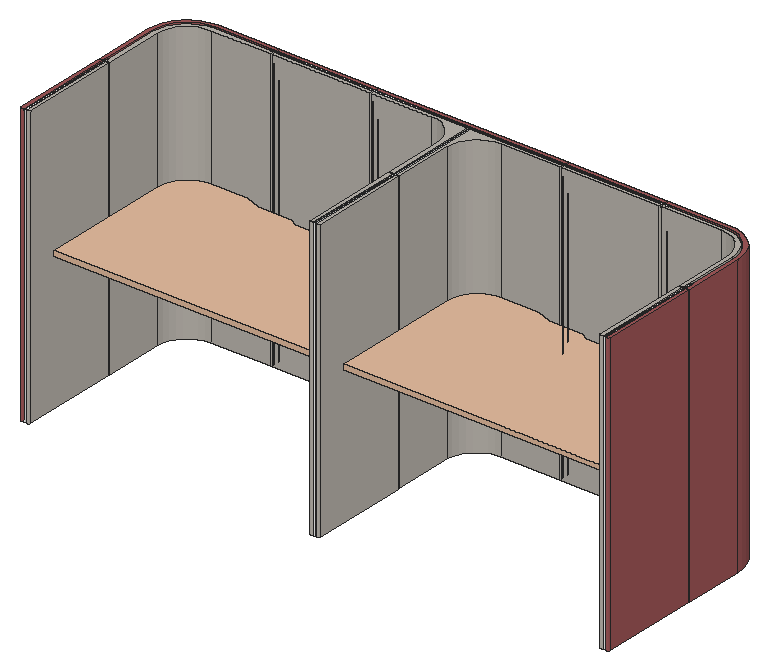
Revit family "NBS_Senator_MeetingPods_EnclaveTwo", category Furniture, Revit 2018
Family settings
  Work Plane-Based = No
  Always vertical = Yes
  Cut with Voids When Loaded = No
  Shared = No
  Room Calculation Point = No
Parameters (values of type "PDEN214")
  WarrantyStartDate [instance] = "1900-12-31T23:59:59"
  WarrantyGuarantorParts = "contactus@thesenatorgroup.com"
  WarrantyGuarantorLabor = "n/a"
  WarrantyDurationUnit = "year"
  WarrantyDurationParts = "10"
  WarrantyDurationLabor = "n/a"
  WarrantyDescription = "Senator warrants that its manufactured products are free from manufacturing defects - in materials or workmanship - for a period of ten (10) years on Senator Seating ranges; and fifteen (15) years on Senator Desking ranges - exceptions are listed below. Senator will repair or replace (at Senator’s sole discretion) with comparable free of charge materials / components, any product / component, which fails under normal use in a single shift environment, as a result of a defect in the materials and / or workmanship"
  Version = "1"  # constant formula
  Uniclass2015Version = "Products v1.16"
  Uniclass2015Title = "Meeting Pods"
  Uniclass2015Code = "Pr_40_50_12_53"
  TagNumber [instance] = "n/a"
  SustainabilityPerformance = "99% recyclable"
  Style = "Pods"
  Status = "UNSET"
  Size = "1000 x 2950 x 1400 mm"
  Shape = "n/a"
  SerialNumber [instance] = "n/a"
  SeatWidth = "n/a"
  SeatDepth = "n/a"
  Revision = "n/a"
  ReplacementCost = "n/a"
  Reference = "n/a"
  ProductInformation = "http://www.thesenatorgroup.com/uk/senator/"
  NominalWidth = 4400 mm
  NominalLength = 2950 mm
  NominalHeight = 1400 mm
  NominalDepth = 1000 mm
  Name = "MeetingPods_EnclaveTwo_PDEN214_Senator"
  NBSReference = "45-35-20/342"
  NBSDescription = "Meeting pods"
  NBSCertification = "www.nationalbimlibrary.com/cert/2awypsgj"
  ModelReference = "Pods-EnclaveTwo_PDEN214"
  ModelNumber = "n/a"
  Material = "Fabric, metal, plastic"
  ManufacturerURL = "www.senator.co.uk"
  ManufacturerName = "The Senator Group"  # constant formula
  Manufacturer = "sales@senator.co.uk"
  MainColor = "n/a"
  IsBuiltIn = no
  InstallationDate [instance] = "1900-12-31T23:59:59"
  IfcExportType = "USERDEFINED"  # constant formula
  IfcExportAs = "IfcFurnitureType"  # constant formula
  Grade = "n/a"
  FramesColour = "Black, white"
  FrameMaterial = NBS_Senator_Aluminium_Rigid_Siver
  InnerPanelMaterial = NBS_Senator_VirginWool_Fairfield
  OuterPanelMaterial = NBS_Senator_VirginWool_Wellington
  FinishOptions = "Carini walnut, mocha, autumn, strata oak, maple, highland oak, beech, winter oak, hacienda white, white, light grey, denim, clay, lemon sorbet"
  Finish = "Outer vertical panels upholstered in camira, blazer fabric Two tone is standard"
  Features = "Internal frame with multi-layered acoustic foam, levelling adjusters, blazer fabric, outer vertical panels"
  FabricFinishOptions = "Plymouth, fairfield, latymer, lancaster, silcoates, silverdale, st andrews, trevelyan, ulster, wellington, wesley, manchester,"
  ExpectedLife = "10"
  EnclaveTwoWidth = 2950 mm  # constant formula
  EnclaveTwoHeight = 1400 mm
  EnclaveTwoDepth = 1000 mm  # constant formula
  TableTopMaterial = NBS_Senator_Wood_HighlandOak_2
  DurationUnit = "year"
  Description = "Enclave Two - 1400mm high"
  Constituents = "n/a"
  Color = "n/a"
  CodePerformance = "n/a"
  Category = "Pr_40_50_12_53:Meeting pods"
  BarCode [instance] = "n/a"
  BIMObjectName = "NBS_Senator_MeetingPods_EnclaveTwo_PDEN314"
  Author = "NBS"  # constant formula
  AssetType = "Fixed"
  AssetIdentifier [instance] = "n/a"
  Accessories = "Monitor arms, PU desk accessories, desk top accessories, CPU holders, electrical accessories, coat hanger, name plate, A2 dry wipe board with hanger, A3 dry wipe board with hanger"
  AccessibilityPerformance = "n/a"
Types (3, lengths in mm): name | Size | NominalHeight | Name | ModelReference | EnclaveTwoHeight | Description | BIMObjectName
  (no name) | "1000 x 2950 x 1400 mm" | 1400 | "MeetingPods_EnclaveTwo_PDEN214_Senator" | "Pods-EnclaveTwo_PDEN214" | 1400 | "Enclave Two - 1400mm high" | "NBS_Senator_MeetingPods_EnclaveTwo_PDEN314"
  PDEN214 | "1000 x 2950 x 1400 mm" | 1400 | "MeetingPods_EnclaveTwo_PDEN214_Senator" | "Pods-EnclaveTwo_PDEN214" | 1400 | "Enclave Two - 1400mm high" | "NBS_Senator_MeetingPods_EnclaveTwo_PDEN314"
  PDEN218 | "1000 x 2950 x 1800 mm" | 1800 | "MeetingPods_EnclaveTwo_PDEN218_Senator" | "Pods-EnclaveTwo_PDEN218" | 1800 | "Enclave Two - 1800mm high" | "NBS_Senator_MeetingPods_EnclaveTwo_PDEN318"
Reference planes
  plane 1 "Center (Front/Back)": y = 0
  plane 2: z = 0
  plane 3 "Center (Left/Right)": x = 0
  plane 4 "Back": y = 500
  plane 5 "Front": y = -500
  plane 6 "Left": x = -1475
  plane 7 "Right": x = 1475
  plane 8 "Top": z = 1400
  plane 9: y = 450
  plane 10: x = -1425
  plane 11: x = 1425
  plane 12: x = 25
  plane 13: x = -25
  plane 14: y = 470
  plane 15: y = 480
  plane 16: x = -1455
  plane 17: x = -1445
  plane 18: x = 1445
  plane 19: x = 1455
  plane 20: x = -5
  plane 21: x = 5
  plane 22: z = 714
Forms (mm)
  Extrusion 1, solid, material "NBS_Senator_VirginWool_Wellington" <- "OuterPanelMaterial", detail levels fine
    sketch origin (0, 0, 0) x (1, 0, 0) y (0, 1, 0)
      loop
        arc (-1280, 500) -> (-1417.886, 442.886) -> (-1475, 305) r 195
        line (-1475, 305) -> (-1475, 4.072)
        arc (-1475, 4.072) -> (-1465, -0.97) -> (-1455, 4.072) r 12.437
        line (-1455, 4.072) -> (-1455, 305)
        arc (-1455, 305) -> (-1403.744, 428.744) -> (-1280, 480) r 175
        line (-1280, 480) -> (-977.95, 480)
        arc (-977.95, 480) -> (-972.821, 490) -> (-977.95, 500) r 12.314
        line (-977.95, 500) -> (-1280, 500)
      loop
        arc (-1475, -490.136) -> (-1465, -500.136) -> (-1455, -490.136) r 10
        line (-1455, -490.136) -> (-1455, -6.928)
        arc (-1455, -6.928) -> (-1465, -1.746) -> (-1475, -6.928) r 12.24
        line (-1475, -6.928) -> (-1475, -490.136)
      loop
        arc (1475, 305) -> (1417.886, 442.886) -> (1280, 500) r 195
        line (1280, 500) -> (977.95, 500)
        arc (977.95, 500) -> (972.925, 490) -> (977.95, 480) r 12.463
        line (977.95, 480) -> (1280, 480)
        arc (1280, 480) -> (1403.744, 428.744) -> (1455, 305) r 175
        line (1455, 305) -> (1455, 4.072)
        arc (1455, 4.072) -> (1465, -0.928) -> (1475, 4.072) r 12.5
        line (1475, 4.072) -> (1475, 305)
      loop
        arc (1455, -489.952) -> (1465, -499.952) -> (1475, -489.952) r 10
        line (1475, -489.952) -> (1475, -6.928)
        arc (1475, -6.928) -> (1465, -1.928) -> (1455, -6.928) r 12.5
        line (1455, -6.928) -> (1455, -489.952)
      loop
        line (-966.949, 480) -> (-480.65, 480)
        arc (-480.65, 480) -> (-475.521, 490) -> (-480.65, 500) r 12.314
        line (-480.65, 500) -> (-966.949, 500)
        arc (-966.949, 500) -> (-972.078, 490) -> (-966.949, 480) r 12.314
      loop
        line (-469.65, 480) -> (469.65, 480)
        arc (469.65, 480) -> (474.778, 490) -> (469.65, 500) r 12.314
        line (469.65, 500) -> (-469.65, 500)
        arc (-469.65, 500) -> (-474.778, 490) -> (-469.65, 480) r 12.314
      loop
        line (480.65, 480) -> (966.95, 480)
        arc (966.95, 480) -> (971.989, 490) -> (966.95, 500) r 12.441
        line (966.95, 500) -> (480.65, 500)
        arc (480.65, 500) -> (475.522, 490) -> (480.65, 480) r 12.314
    from 0 to 1400
  Extrusion 2, solid, material "NBS_Senator_VirginWool_Fairfield" <- "InnerPanelMaterial", detail levels fine
    sketch origin (0, 0, 0) x (1, 0, 0) y (0, 1, 0)
      loop
        arc (-1280, 470) -> (-1396.673, 421.673) -> (-1445, 305) r 165
        line (-1445, 305) -> (-1445, 4.072)
        arc (-1445, 4.072) -> (-1435, -1.016) -> (-1425, 4.072) r 12.371
        line (-1425, 4.072) -> (-1425, 300)
        arc (-1425, 300) -> (-1381.066, 406.066) -> (-1275, 450) r 150
        line (-1275, 450) -> (-977.95, 450)
        arc (-977.95, 450) -> (-972.924, 460) -> (-977.95, 470) r 12.462
        line (-977.95, 470) -> (-1280, 470)
      loop
        arc (-1445, -490.203) -> (-1435, -500.203) -> (-1425, -490.203) r 10
        line (-1425, -490.203) -> (-1425, -6.928)
        arc (-1425, -6.928) -> (-1435, -1.891) -> (-1445, -6.928) r 12.446
        line (-1445, -6.928) -> (-1445, -490.203)
      loop
        arc (1445, 305) -> (1396.673, 421.673) -> (1280, 470) r 165
        line (1280, 470) -> (977.95, 470)
        arc (977.95, 470) -> (972.926, 460) -> (977.95, 450) r 12.464
        line (977.95, 450) -> (1275, 450)
        arc (1275, 450) -> (1381.066, 406.066) -> (1425, 300) r 150
        line (1425, 300) -> (1425, 4.072)
        arc (1425, 4.072) -> (1435, -0.94) -> (1445, 4.072) r 12.482
        line (1445, 4.072) -> (1445, 305)
      loop
        line (5, 470) -> (5, 5.412)
        arc (5, 5.412) -> (15, 0.39) -> (25, 5.412) r 12.467
        line (25, 5.412) -> (25, 300)
        arc (25, 300) -> (68.934, 406.066) -> (175, 450) r 150
        line (175, 450) -> (469.65, 450)
        arc (469.65, 450) -> (474.778, 460) -> (469.65, 470) r 12.314
        line (469.65, 470) -> (5, 470)
      loop
        arc (-25, -489.866) -> (-15, -499.866) -> (-5, -489.866) r 10
        line (-5, -489.866) -> (-5, -6.928)
        arc (-5, -6.928) -> (-15, -1.924) -> (-25, -6.928) r 12.495
        line (-25, -6.928) -> (-25, -489.866)
      loop
        arc (5, -489.773) -> (15, -499.773) -> (25, -489.773) r 10
        line (25, -489.773) -> (25, -6.928)
        arc (25, -6.928) -> (15, -1.913) -> (5, -6.928) r 12.478
        line (5, -6.928) -> (5, -489.773)
      loop
        arc (-175, 450) -> (-68.934, 406.066) -> (-25, 300) r 150
        line (-25, 300) -> (-25, 5.412)
        arc (-25, 5.412) -> (-15, 0.361) -> (-5, 5.412) r 12.424
        line (-5, 5.412) -> (-5, 470) -> (-469.65, 470)
        arc (-469.65, 470) -> (-474.778, 460) -> (-469.65, 450) r 12.314
        line (-469.65, 450) -> (-175, 450)
      loop
        arc (1425, -490.104) -> (1435, -500.104) -> (1445, -490.104) r 10
        line (1445, -490.104) -> (1445, -6.928)
        arc (1445, -6.928) -> (1435, -1.899) -> (1425, -6.928) r 12.458
        line (1425, -6.928) -> (1425, -490.104)
      loop
        line (-966.949, 450) -> (-480.65, 450)
        arc (-480.65, 450) -> (-475.521, 460) -> (-480.65, 470) r 12.314
        line (-480.65, 470) -> (-966.949, 470)
        arc (-966.949, 470) -> (-971.975, 460) -> (-966.949, 450) r 12.462
      loop
        line (480.65, 450) -> (966.95, 450)
        arc (966.95, 450) -> (971.957, 460) -> (966.95, 470) r 12.489
        line (966.95, 470) -> (480.65, 470)
        arc (480.65, 470) -> (475.594, 460) -> (480.65, 450) r 12.417
    from 0 to 1400
  Extrusion 3, solid, material "NBS_Senator_Aluminium_Rigid_Siver" <- "FrameMaterial", detail levels fine
    sketch origin (0, 0, 0) x (1, 0, 0) y (0, 1, 0)
      loop
        line (-1445, -493.213) -> (-1445, 24.145) -> (-1455, 24.145) -> (-1455, -493.213)
        arc (-1455, -493.213) -> (-1450, -498.213) -> (-1445, -493.213) r 5
      loop
        line (-998.022, 480) -> (-998.022, 470) -> (-480.977, 470)
        arc (-480.977, 470) -> (-475.977, 475) -> (-480.977, 480) r 5
        line (-480.977, 480) -> (-998.022, 480)
      loop
        line (-5, 470) -> (-5, 5.702)
        arc (-5, 5.702) -> (0, 0.702) -> (5, 5.702) r 5
        line (5, 5.702) -> (5, 470) -> (469.603, 470)
        arc (469.603, 470) -> (474.603, 475) -> (469.603, 480) r 5
        line (469.603, 480) -> (-469.721, 480)
        arc (-469.721, 480) -> (-474.721, 475) -> (-469.721, 470) r 5
        line (-469.721, 470) -> (-5, 470)
      loop
        arc (480.54, 480) -> (475.54, 475) -> (480.54, 470) r 5
        line (480.54, 470) -> (998.022, 470) -> (998.022, 480) -> (480.54, 480)
      loop
        arc (-5, -492.799) -> (0, -497.799) -> (5, -492.799) r 5
        line (5, -492.799) -> (5, -6.936)
        arc (5, -6.936) -> (0, -1.936) -> (-5, -6.936) r 5
        line (-5, -6.936) -> (-5, -492.799)
      loop
        arc (1445, -492.487) -> (1450, -497.487) -> (1455, -492.487) r 5
        line (1455, -492.487) -> (1455, 50) -> (1445, 50) -> (1445, -492.487)
    from 0 to 1400
  Extrusion 4, solid, material "NBS_Senator_VirginWool_Fairfield" <- "InnerPanelMaterial", detail levels coarse+medium
    sketch origin (0, 0, 0) x (1, 0, 0) y (0, 1, 0)
      loop
        arc (-1275, 505) -> (-1419.957, 444.957) -> (-1480, 300) r 205
        line (-1480, 300) -> (-1480, -482.18)
        arc (-1480, -482.18) -> (-1450, -512.18) -> (-1420, -482.18) r 30
        line (-1420, -482.18) -> (-1420, 305)
        arc (-1420, 305) -> (-1378.995, 403.995) -> (-1280, 445) r 140
        line (-1280, 445) -> (-170, 445)
        arc (-170, 445) -> (-71.005, 403.995) -> (-30, 305) r 140
        line (-30, 305) -> (-30, -480.198)
        arc (-30, -480.198) -> (0, -510.198) -> (30, -480.198) r 30
        line (30, -480.198) -> (30, 305)
        arc (30, 305) -> (71.005, 403.995) -> (170, 445) r 140
        line (170, 445) -> (1280, 445)
        arc (1280, 445) -> (1378.995, 403.995) -> (1420, 305) r 140
        line (1420, 305) -> (1420, -480.408)
        arc (1420, -480.408) -> (1450, -510.408) -> (1480, -480.408) r 30
        line (1480, -480.408) -> (1480, 300)
        arc (1480, 300) -> (1419.957, 444.957) -> (1275, 505) r 205
        line (1275, 505) -> (-1275, 505)
    from 0 to 1400
Dimensions and locks
  equal spacing: plane 4 "Back", plane 1 "Center (Front/Back)", plane 5 "Front"
  "EnclaveTwoDepth": plane 4 "Back" to plane 5 "Front"
  equal spacing: plane 6 "Left", plane 3 "Center (Left/Right)", plane 7 "Right"
  "EnclaveTwoWidth": plane 6 "Left" to plane 7 "Right"
  "EnclaveTwoHeight": plane 8 "Top" to level
  locked: plane 6 "Left" to plane 10 at 50
  locked: plane 4 "Back" to plane 9 at 50
  locked: plane 11 to plane 7 "Right" at 50
  plane 13 to plane 3 "Center (Left/Right)" to plane 12 = 25 mm locked, 25 mm locked
  plane 13 to plane 12 = 50 mm
  locked: plane 14 to plane 9 at 20
  locked: plane 4 "Back" to plane 15 at 20
  locked: plane 6 "Left" to plane 16 at 20
  locked: plane 17 to plane 10 at 20
  locked: plane 11 to plane 18 at 20
  locked: plane 19 to plane 7 "Right" at 20
  plane 13 to plane 20 to plane 21 to plane 12 = 20 mm, 10 mm, 20 mm
  plane 22 to level = 714 mm
  aligned and locked: level to plane 2
  aligned and locked: Extrusion 1 sketch curve to plane 4 "Back"
  aligned and locked: plane 6 "Left" to Extrusion 1 sketch curve
  aligned and locked: Extrusion 1 sketch curve to plane 7 "Right"
  aligned and locked: plane 16 to Extrusion 1 sketch curve
  aligned and locked: Extrusion 1 sketch curve to plane 15
  aligned and locked: Extrusion 1 sketch curve to plane 19
  aligned and locked: Extrusion 1 to plane 8 "Top"
  aligned and locked: Extrusion 2 sketch curve to plane 14
  aligned and locked: plane 17 to Extrusion 2 sketch curve
  aligned and locked: Extrusion 2 sketch curve to plane 18
  aligned and locked: Extrusion 2 sketch curve to plane 11
  aligned and locked: Extrusion 2 sketch curve to plane 9
  aligned and locked: plane 10 to Extrusion 2 sketch curve
  aligned and locked: Extrusion 2 sketch curve to plane 12
  aligned and locked: plane 13 to Extrusion 2 sketch curve
  aligned and locked: plane 21 to Extrusion 2 sketch curve
  aligned and locked: plane 20 to Extrusion 2 sketch curve
  aligned and locked: Extrusion 2 to plane 8 "Top"
  aligned and locked: Extrusion 3 sketch curve to plane 15
  aligned and locked: plane 14 to Extrusion 3 sketch curve
  aligned and locked: Extrusion 3 to plane 8 "Top"
  aligned and locked: nested 1 to plane 22
  aligned and locked: nested 2 to plane 22
  aligned and locked: Extrusion 4 to plane 8 "Top"
Automatic sketch dimensions
  Extrusion 1 sketch curve to Extrusion 1 sketch curve = 0 mm  (x4)
  Extrusion 1 sketch curve to plane 6 "Left" = 0 mm
  Extrusion 1 sketch curve to plane 4 "Back" = 0 mm  (x3)
  Extrusion 1 sketch curve to plane 15 = 0 mm  (x4)
  plane 6 "Left" to Extrusion 1 sketch curve = 10 mm  (x2)
  Extrusion 1 sketch curve to plane 9 = 145 mm
  Extrusion 1 sketch curve to plane 4 "Back" = 10 mm  (x4)
  Extrusion 1 sketch curve to Extrusion 1 sketch curve = 294.864 mm
  Extrusion 1 sketch curve to Extrusion 1 sketch curve = 7.186 mm  (x2)
  Extrusion 1 sketch curve to Extrusion 1 sketch curve = 11 mm  (x8)
  Extrusion 1 sketch curve to Extrusion 1 sketch curve = 7.185 mm  (x4)
  Extrusion 1 sketch curve to plane 13 = 462.835 mm
  plane 12 to Extrusion 1 sketch curve = 437.464 mm
  Extrusion 1 sketch curve to plane 11 = 465.452 mm
  Extrusion 1 sketch curve to Extrusion 1 sketch curve = 7.401 mm
  Extrusion 1 sketch curve to Extrusion 1 sketch curve = 7.438 mm
  Extrusion 1 sketch curve to plane 11 = 145 mm
  Extrusion 1 sketch curve to plane 7 "Right" = 10 mm
  Extrusion 1 sketch curve to plane 1 "Center (Front/Back)" = 11.572 mm
  Extrusion 1 sketch curve to plane 1 "Center (Front/Back)" = 11.467 mm
  Extrusion 1 sketch curve to plane 1 "Center (Front/Back)" = 4.072 mm  (x2)
  plane 1 "Center (Front/Back)" to Extrusion 1 sketch curve = 6.928 mm  (x3)
  Extrusion 1 sketch curve to Extrusion 1 sketch curve = 7.059 mm
  plane 1 "Center (Front/Back)" to Extrusion 1 sketch curve = 14.428 mm
  plane 5 "Front" to Extrusion 1 sketch curve = 10.048 mm
  plane 5 "Front" to Extrusion 1 sketch curve = 9.864 mm
  Extrusion 1 sketch curve to plane 19 = 0 mm
  Extrusion 1 sketch curve to plane 7 "Right" = 0 mm
  Extrusion 2 sketch curve to plane 17 = 0 mm
  Extrusion 2 sketch curve to plane 10 = 0 mm
  Extrusion 2 sketch curve to plane 9 = 0 mm  (x5)
  Extrusion 2 sketch curve to plane 14 = 0 mm  (x5)
  Extrusion 2 sketch curve to plane 11 = 0 mm
  Extrusion 2 sketch curve to plane 18 = 0 mm
  Extrusion 2 sketch curve to plane 10 = 10 mm  (x2)
  Extrusion 2 sketch curve to plane 9 = 145 mm
  Extrusion 2 sketch curve to Extrusion 2 sketch curve = 5 mm  (x2)
  plane 9 to Extrusion 2 sketch curve = 10 mm  (x4)
  Extrusion 2 sketch curve to Extrusion 2 sketch curve = 289.613 mm
  Extrusion 2 sketch curve to Extrusion 2 sketch curve = 7.437 mm  (x2)
  Extrusion 2 sketch curve to Extrusion 2 sketch curve = 11 mm  (x8)
  Extrusion 2 sketch curve to plane 13 = 462.835 mm
  Extrusion 2 sketch curve to Extrusion 2 sketch curve = 7.185 mm
  Extrusion 2 sketch curve to Extrusion 2 sketch curve = 7.186 mm  (x2)
  Extrusion 2 sketch curve to plane 13 = 150 mm
  plane 13 to Extrusion 2 sketch curve = 10 mm
  Extrusion 2 sketch curve to plane 12 = 10 mm
  Extrusion 2 sketch curve to plane 9 = 150 mm
  Extrusion 2 sketch curve to Extrusion 2 sketch curve = 287.464 mm
  Extrusion 2 sketch curve to Extrusion 2 sketch curve = 7.361 mm
  Extrusion 2 sketch curve to plane 11 = 465.532 mm
  Extrusion 2 sketch curve to Extrusion 2 sketch curve = 7.481 mm
  Extrusion 2 sketch curve to Extrusion 2 sketch curve = 7.44 mm
  Extrusion 2 sketch curve to plane 11 = 150 mm
  plane 11 to Extrusion 2 sketch curve = 10 mm  (x2)
  Extrusion 2 sketch curve to plane 1 "Center (Front/Back)" = 12.857 mm
  Extrusion 2 sketch curve to plane 1 "Center (Front/Back)" = 12.784 mm
  Extrusion 2 sketch curve to plane 1 "Center (Front/Back)" = 11.542 mm
  Extrusion 2 sketch curve to plane 1 "Center (Front/Back)" = 11.356 mm
  Extrusion 2 sketch curve to plane 1 "Center (Front/Back)" = 4.072 mm  (x2)
  plane 1 "Center (Front/Back)" to Extrusion 2 sketch curve = 6.928 mm  (x6)
  Extrusion 2 sketch curve to Extrusion 2 sketch curve = 7.41 mm
  Extrusion 2 sketch curve to Extrusion 2 sketch curve = 7.43 mm
  plane 1 "Center (Front/Back)" to Extrusion 2 sketch curve = 14.391 mm
  plane 1 "Center (Front/Back)" to Extrusion 2 sketch curve = 14.419 mm
  plane 5 "Front" to Extrusion 2 sketch curve = 10.227 mm
  plane 5 "Front" to Extrusion 2 sketch curve = 10.134 mm
  plane 5 "Front" to Extrusion 2 sketch curve = 9.896 mm
  plane 5 "Front" to Extrusion 2 sketch curve = 9.797 mm
  Extrusion 2 sketch curve to plane 1 "Center (Front/Back)" = 5.412 mm  (x2)
  Extrusion 2 sketch curve to plane 13 = 0 mm
  Extrusion 2 sketch curve to plane 20 = 0 mm
  Extrusion 2 sketch curve to plane 21 = 0 mm
  Extrusion 2 sketch curve to plane 12 = 0 mm
  Extrusion 3 sketch curve to plane 16 = 0 mm
  Extrusion 3 sketch curve to plane 17 = 0 mm
  Extrusion 3 sketch curve to plane 14 = 0 mm  (x3)
  Extrusion 3 sketch curve to plane 15 = 0 mm  (x2)
  Extrusion 3 sketch curve to plane 20 = 0 mm  (x2)
  Extrusion 3 sketch curve to plane 3 "Center (Left/Right)" = 0 mm  (x2)
  Extrusion 3 sketch curve to plane 18 = 0 mm
  Extrusion 3 sketch curve to plane 19 = 0 mm
  plane 10 to Extrusion 3 sketch curve = 426.978 mm
  Extrusion 3 sketch curve to plane 13 = 455.977 mm
  Extrusion 3 sketch curve to Extrusion 3 sketch curve = 11.256 mm
  plane 12 to Extrusion 3 sketch curve = 444.603 mm
  Extrusion 3 sketch curve to Extrusion 3 sketch curve = 10.937 mm
  Extrusion 3 sketch curve to plane 11 = 426.978 mm
  Extrusion 3 sketch curve to plane 1 "Center (Front/Back)" = 50 mm
  Extrusion 3 sketch curve to plane 1 "Center (Front/Back)" = 24.145 mm
  Extrusion 3 sketch curve to plane 1 "Center (Front/Back)" = 5.702 mm
  plane 1 "Center (Front/Back)" to Extrusion 3 sketch curve = 6.936 mm
  plane 5 "Front" to Extrusion 3 sketch curve = 7.513 mm
  plane 5 "Front" to Extrusion 3 sketch curve = 7.201 mm
  plane 5 "Front" to Extrusion 3 sketch curve = 6.787 mm
  Extrusion 4 sketch curve to plane 3 "Center (Left/Right)" = 0 mm
  Extrusion 4 sketch curve to plane 13 = 5 mm
  Extrusion 4 sketch curve to Extrusion 4 sketch curve = 140 mm  (x2)
  plane 10 to Extrusion 4 sketch curve = 150 mm
  Extrusion 4 sketch curve to plane 9 = 5 mm
  Extrusion 4 sketch curve to Extrusion 4 sketch curve = 5 mm  (x3)
  plane 10 to Extrusion 4 sketch curve = 5 mm
  plane 16 to Extrusion 4 sketch curve = 5 mm
  plane 4 "Back" to Extrusion 4 sketch curve = 5 mm
  Extrusion 4 sketch curve to plane 11 = 150 mm
  Extrusion 4 sketch curve to plane 11 = 5 mm
  plane 18 to Extrusion 4 sketch curve = 5 mm
  plane 5 "Front" to Extrusion 4 sketch curve = 19.802 mm
  plane 5 "Front" to Extrusion 4 sketch curve = 19.592 mm
  plane 5 "Front" to Extrusion 4 sketch curve = 17.82 mm
Nested families
  nested 1: "NBS_Senator_Desk_PDBDA14" at (-728, 50, 689), type "NBS_Senator_Desk_PDBDA14"
  nested 2: "NBS_Senator_Desk_PDBDA14" at (728, 50, 689), type "NBS_Senator_Desk_PDBDA14"
Definition of nested family "NBS_Senator_Desk_PDBDA14"
  Parameters (values of type "NBS_Senator_Desk_PDBDA14")
    DeskWidth = 1394 mm
    DeskThickness = 25 mm
    DeskMaterial = none
    DeskDepth = 800 mm
  Reference planes
    plane 1 "Back": y = 0
    plane 2 "Bottom": z = 0
    plane 3 "Center (Left/Right)": x = 0
    plane 4 "Left": x = -697
    plane 5 "Right": x = 697
    plane 6 "Front": y = -400
    plane 7 "Top": z = 25
    plane 8: y = 400
  Forms (mm)
    Extrusion 1, solid, material <- "DeskMaterial", detail levels medium+fine
      sketch origin (0, 400, 0) x (1, 0, 0) y (0, 1, 0)
        loop
          arc (-547, 0) -> (-653.066, -43.934) -> (-697, -150) r 150
          line (-697, -150) -> (-697, -800) -> (697, -800) -> (697, -150)
          arc (697, -150) -> (653.066, -43.934) -> (547, 0) r 150
          line (547, 0) -> (369.041, 0) -> (289.799, -29.69) -> (126.526, -29.69) -> (84.186, -54.135) -> (-84.186, -54.135) -> (-126.526, -29.69) -> (-289.799, -29.69) -> (-369.041, 0) -> (-547, 0)
      from 0 to 25
    Extrusion 2, solid, material <- "DeskMaterial", detail levels coarse
      sketch origin (0, 0, 0) x (1, 0, 0) y (0, 1, 0)
        loop
          arc (-549, 400) -> (-653.652, 356.652) -> (-697, 252) r 148
          line (-697, 252) -> (-697, -400) -> (697, -400) -> (697, 257.372)
          arc (697, 257.372) -> (655.225, 358.225) -> (554.372, 400) r 142.628
          line (554.372, 400) -> (-549, 400)
      from 0 to 25
  Dimensions and locks
    equal spacing: plane 4 "Left", plane 3 "Center (Left/Right)", plane 5 "Right"
    "DeskWidth": plane 4 "Left" to plane 5 "Right"
    Extrusion 1 sketch curve to Extrusion 1 sketch curve to Extrusion 1 sketch curve to plane 3 "Center (Left/Right)" to Extrusion 1 sketch curve to Extrusion 1 sketch curve to Extrusion 1 sketch curve = 79.242 mm locked, 163.273 mm locked, 126.526 mm locked, 126.526 mm locked, 163.273 mm locked, 79.242 mm locked
    "DeskThickness": plane 7 "Top" to level
    equal spacing: plane 8, plane 1 "Back", plane 6 "Front"
    "DeskDepth": plane 8 to plane 6 "Front"
    aligned and locked: level to plane 2 "Bottom"
    aligned and locked: plane 4 "Left" to Extrusion 1 sketch curve
    aligned and locked: Extrusion 1 sketch curve to plane 5 "Right"
    aligned and locked: Extrusion 1 to plane 2 "Bottom"
    aligned and locked: plane 7 "Top" to Extrusion 1
    aligned and locked: Extrusion 1 to plane 6 "Front"
    aligned and locked: Extrusion 1 to plane 4 "Left"
    aligned and locked: plane 5 "Right" to Extrusion 1
    aligned and locked: plane 8 to Extrusion 1  (x2)
    aligned and locked: Extrusion 2 sketch curve to plane 8
    aligned and locked: plane 4 "Left" to Extrusion 2 sketch curve
    aligned and locked: plane 6 "Front" to Extrusion 2 sketch curve
    aligned and locked: Extrusion 2 sketch curve to plane 5 "Right"
    aligned and locked: plane 7 "Top" to Extrusion 2
  Automatic sketch dimensions
    plane 4 "Left" to Extrusion 1 sketch curve = 150 mm
    Extrusion 1 sketch curve to plane 1 "Back" = 250 mm  (x2)
    Extrusion 1 sketch curve to plane 1 "Back" = 370.31 mm  (x2)
    Extrusion 1 sketch curve to Extrusion 1 sketch curve = 42.34 mm  (x2)
    Extrusion 1 sketch curve to plane 1 "Back" = 400 mm
    Extrusion 1 sketch curve to Extrusion 1 sketch curve = 24.445 mm
    plane 1 "Back" to Extrusion 1 sketch curve = 400 mm
    Extrusion 2 sketch curve to Extrusion 2 sketch curve = 148 mm
    Extrusion 2 sketch curve to plane 5 "Right" = 142.628 mm
